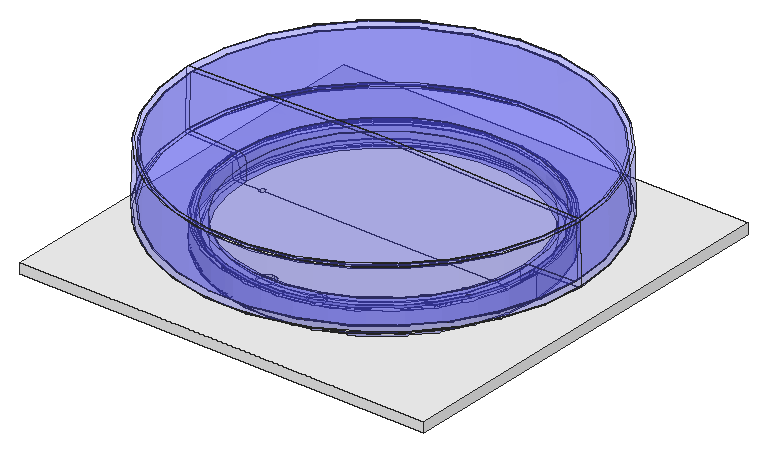
Revit family "BE_67719_de_DE", category Leuchten, Revit 2015
Parameters (values of type "BEGA_67719_K4")
  built-in parameter 1150104 = 11.446 (stored number, unit not read)
  Wattage = 25.9 W
  Default Elevation = 0 mm
  built-in parameter 1150113 = 1 (stored number, unit not read)
  built-in parameter 1114218 = 1 (stored number, unit not read)
  Umgebungstemperatur = "25 °C"
  URL = "http://www.bega.de/produkt/67719"
  Typenkommentare = "© 2017 BEGA. Wir behalten uns das Recht vor, technische Änderungen ohne vorherige Ankündigung vorzunehmen."  # constant formula
  built-in parameter 1150134 = 12
  built-in parameter 1150109 = 1 (stored number, unit not read)
  Strom = ""
  built-in parameter 1150110 = 1 (stored number, unit not read)
  Spannung = 239.996 V
  Sonderanfertigung = no
  Seriennummer [instance] = "Hier können Sie die eindeutige Seriennummer für das Facility Management eintragen."
  Schutzklasse = "I"
  Schutzart = "IP 44"
  Scheinlast = 0 VA
  Produktdatenblatt = "http://www.bega.de/download/Xrfa/db/67719.db.de.pdf"
  Oberflächentemperatur = ""
  Neigungswinkel = 0.00°
  Modell = "67719K4"
  Material_17 = BEGA_Reflektor
  Material_15 = BEGA_Leuchtmedium_matt
  Material_11 = BEGA_Glas_opal
  Material_09 = BEGA_Glas_klar
  Material_06 = BEGA_Oberfläche_Edelstahl_gebürstet
  Material_05 = BEGA_Oberfläche_Aluminium Guss
  Material_03 = BEGA_Oberfläche_Weiss_matt
  Material_02 = BEGA_Oberfläche_Silber_matt
  Material_01 [instance] = BEGA_Oberfläche_Grafit_matt
  M_W = no
  M_G = no
  M_A = no
  Logo = 0
  built-in parameter 1114217 = 1 (stored number, unit not read)
  built-in parameter 1150139 = (empty or 0)
  built-in parameter 1150105 = 812.25 (stored number, unit not read)
  built-in parameter 1150114 = 1 (stored number, unit not read)
  Lumens = 3190.88 lm
  built-in parameter 1150115 = 1 (stored number, unit not read)
  Leuchtenlichtstrom = "2185 lm"
  Leuchtenanzahl = ""
  Lebensdauerkriterien = "L70B50 @ 25 °C = 107000 h"
  Lastklassifizierung = Beleuchtung
  built-in parameter 1150112 = 1 (stored number, unit not read)
  Lampenlichtstrom = "3190 lm"
  Lampe = "LED 25.9 W"
  LED_Modulbezeichnung = "LED-0570/940 "
  built-in parameter 1150142 = (empty or 0)
  Hersteller = "BEGA"  # constant formula
  Halbstreuwinkel = ""
  Gewicht = "6.2 kg"
  Gebrauchslageneinschränkung [instance] = ""
  Frequenz = "0/50-60 Hz"
  Farbwiedergabeindex = "Ra > 90"
  Farbtemperaturverschiebung bei Dämpfen der Lampe = <Keine Auswahl>
  Farbtemperatur = "4000 K"
  Color Filter = 16777215
  built-in parameter 1150133 = 10 (stored number, unit not read)
  Energieeffizienzklasse = "LED A++ - A"
  built-in parameter 1150137 = (empty or 0)
  built-in parameter 1150132 = (empty or 0)
  ENEC = ""
  Dimmbar [instance] = "DALI"
  Datei für fotometrisches Netz = "BE_67719K4.IES"
  CE_Konformität = "ja"
  Bestellnummer = "67719K4"
  Beschreibung_Sonderanfertigung = "Hier können Sie Informationen zur Sonderanfertigung eintragen."
  Beschreibung = "Wandleuchte"
  built-in parameter 1150106 = 8.1225 (stored number, unit not read)
  Befestigungsbohrung = "Ø 5,5 mm"
  Befestigungsabstand = "240 mm"
  Ballwurfsicher = ""
  BEGA_Intern_aus = yes
  BEGA_Intern_an = yes
  BEGA_Intern_Konstruktion = yes
  BEGA_Intern = yes
  BEGA_IES = yes
  BEGA_Dummy = no
  Anschlussleitung = ""
  Anschlussleistung [instance] = "29.4 W"
  Anschlusskasten = ""
  built-in parameter 1150107 = 4000 (stored number, unit not read)
  built-in parameter 1150102 = (empty or 0)
  built-in parameter 1150138 = (empty or 0)
  Aktualisierung = "2017-07-12T04:08:54"
  Abstand_zur_angestrahlten_Fläche [instance] = ""
  AC/DC = "AC/DC"
Types (2, lengths in mm): name | built-in parameter 1150104 | built-in parameter 1150134 | Modell | built-in parameter 1150105 | Lumens | Leuchtenlichtstrom | Lampenlichtstrom | LED_Modulbezeichnung | Farbtemperatur | Datei für fotometrisches Netz | Bestellnummer | built-in parameter 1150106 | built-in parameter 1150107
  BEGA_67719_K3 | 11.046 (stored number, unit not read) | (empty or 0) | "67719" | 783.89 (stored number, unit not read) | 3079.51 lm | "2110 lm" | "3080 lm" | "LED-0570/930 " | "3000 K" | "BE_67719.IES" | "67719" | 7.8389 (stored number, unit not read) | 3000 (stored number, unit not read)
  BEGA_67719_K4 | 11.446 (stored number, unit not read) | 12 | "67719K4" | 812.25 (stored number, unit not read) | 3190.88 lm | "2185 lm" | "3190 lm" | "LED-0570/940 " | "4000 K" | "BE_67719K4.IES" | "67719K4" | 8.1225 (stored number, unit not read) | 4000 (stored number, unit not read)
Reference planes
  plane 1 "Mitte (Vorne/Hinten)": y = 0
  plane 2: z = 0
  plane 3 "Mitte (Links/Rechts)": x = 0
  plane 4 "Links": x = -195.948
  plane 5 "Rechts": x = 195.948
  plane 6 "Unten": y = -195.948
  plane 7 "Oben": y = 195.948
  plane 8 "Vorne": z = 94.213
  plane 9 "Hinten": z = 0
Forms (mm)
  Extrusion 1, solid, material "BEGA_Platte_Weiss"
    sketch origin (0, -1119.2, 0) x (1, 0, 0) y (0, 1, 0)
      loop
        line (-200, 1319.2) -> (-200, 919.2) -> (200, 919.2) -> (200, 1319.2) -> (-200, 1319.2)
    from 0 to -10
  Extrusion 2, solid, material "BEGA_Dummy_matt", visible <- "BEGA_Dummy"
    sketch origin (77.149, -76.023, 0) x (1, 0, 0) y (0, 1, 0)
      loop
        circle (-77.149, 76.023) r 195.948
    from 0 to 94.213
Dimensions and locks
  plane 1 "Mitte (Vorne/Hinten)" to Extrusion 1 = 200 mm
  aligned and locked: plane 2 to Extrusion 1
  aligned and locked: level to Extrusion 1
Nested families
  nested 1: "BE_67719" at (0, 0, 0), type "BE_67719"
Connectors
  electrical at (0, 0, 0), driven by "Lastklassifizierung", driven by "Spannung", driven by "Scheinlast"
    settings: index 1, voltage 239.996 V, apparent load 0 VA, apparent load phase1 0 VA, apparent load phase2 0 VA, apparent load phase3 0 VA, power factor 1, load classification "Beleuchtung", number of poles 1, system type 31, power factor state 1, is connector primary yes, connector utility no, sub classification motor no, connector description ""
Definition of nested family "BE_67719"
  Parameters (values of type "BE_67719")
    Default Elevation = 1 mm
    URL = "http://www.bega.de/de/produkt"
    Type Comments = "© 2015 BEGA. Wir behalten uns das Recht vor, technische Änderungen ohne vorherige Ankündigung vorzunehmen. "  # constant formula
    Type Image = (empty or 0)
    Neigungswinkel_um_Z2 = 0.00°
    Neigungswinkel_um_Z1 = 0.00°
    Neigungswinkel_um_Y2 = 0.00°
    Neigungswinkel_um_Y1 = 0.00°
    Neigungswinkel_um_X2 = 0.00°
    Neigungswinkel_um_X1 = 0.00°
    Material_17 = none
    Material_15 = none
    Material_11 = none
    Material_09 = none
    Material_06 = none
    Material_05 = none
    Material_03 = none
    Material_02 = none
    Material_01 = none
    M_W = yes
    M_G = yes
    M_A = yes
    Länge_Platte = 500 mm  # constant formula
    Höhe_Platte = -10 mm  # constant formula
    Manufacturer = "BEGA"  # constant formula
    Drehwinkel_um_Z2 = 0.00°
    Drehwinkel_um_Z1 = 0.00°
    Breite_Platte = 500 mm  # constant formula
  Reference planes
    plane 1 "Mitte (Oben/Unten)": y = 0
    plane 2: z = 0
    plane 3 "Mitte (Links/Rechts)": x = 0
    plane 4: x = -195.948
    plane 5: z = 94.213
    plane 6: x = 195.948
    plane 7: y = -195.948
    plane 8: y = 195.948
  Forms (mm)
    Extrusion 1, solid, detail levels medium
      sketch origin (0, 0, 0) x (1, 0, 0) y (0, 1, 0)
        loop
          line (-250, 250) -> (-250, -250) -> (250, -250) -> (250, 250) -> (-250, 250)
      from 0 to -10 <- "Höhe_Platte"
    Revolve 2, solid, material <- "Material_03", detail levels medium+fine
      sketch origin (0, 0, 0) x (1, 0, 0) y (0, 0, 1)
        loop
          line (0, 4) -> (-149.15, 4)
          arc (-149.15, 4) -> (-149.857, 4.293) -> (-150.15, 5) r 1
          line (-150.15, 5) -> (-150.15, 25.012) -> (-147.349, 22.211) -> (-146.5, 23.059) -> (-149.043, 25.602)
          arc (-149.043, 25.602) -> (-149.482, 25.897) -> (-150, 26) r 1.35
          arc (-150, 26) -> (-150.952, 25.607) -> (-151.35, 24.658) r 1.35
          line (-151.35, 24.658) -> (-151.35, 4)
          arc (-151.35, 4) -> (-150.764, 2.586) -> (-149.35, 2) r 2
          line (-149.35, 2) -> (0, 2) -> (0, 4)
        axis (0, 2) -> (0, 26)
      angle from 0 to 360
    Revolve 3, solid, material <- "Material_03", detail levels medium+fine
      sketch origin (-14.142, 14.142, 0) x (-0.707107, 0.707107, 0) y (0, 0, 1)
        loop
          arc (113.481, 2.548) -> (115.961, 0.668) -> (119, 0) r 7.25
          line (119, 0) -> (119, 2.548) -> (113.481, 2.548)
        axis (119, 0) -> (119, 2.548)
      angle from 0 to 360
    Extrusion 4, void
      sketch origin (0, 0, 0) x (1, 0, 0) y (0, 1, 0)
        loop
          circle (-30, -107.5) r 8.5
        loop
          circle (20, -107.5) r 8.5
        loop
          circle (-120, 0) r 2.75
        loop
          circle (120, 0) r 2.75
      from 0 to 6.5
    Revolve 5, solid, material <- "Material_11", detail levels medium+fine
      sketch origin (0, 0, 0) x (1, 0, 0) y (0, 0, 1)
        loop
          arc (0, 94.212) -> (-96.311, 92.986) -> (-192.559, 89.308) r 3782.243
          arc (-192.559, 89.308) -> (-193.888, 88.707) -> (-194.464, 87.363) r 2
          line (-194.464, 87.363) -> (-195.948, 30.687)
          arc (-195.948, 30.687) -> (-195.402, 29.268) -> (-194.016, 28.644) r 2
          line (-194.016, 28.644) -> (-146.945, 27)
          arc (-146.945, 27) -> (-146.089, 26.693) -> (-145.568, 25.947) r 1.5
          line (-145.568, 25.947) -> (-141.5, 12.873) -> (-141.5, 7) -> (-135.5, 7) -> (-135.5, 22.883)
          arc (-135.5, 22.883) -> (-137.745, 28.434) -> (-143.215, 30.872) r 8
          line (-143.215, 30.872) -> (-189.913, 32.503)
          arc (-189.913, 32.503) -> (-191.305, 33.133) -> (-191.845, 34.562) r 2
          line (-191.845, 34.562) -> (-190.552, 83.672)
          arc (-190.552, 83.672) -> (-189.984, 85.017) -> (-188.653, 85.617) r 2
          arc (-188.653, 85.617) -> (-94.356, 89.151) -> (0, 90.329) r 3778.36
          line (0, 90.329) -> (0, 94.212)
        axis (0, 94.212) -> (0, 7)
      angle from 0 to 360
    Revolve 6, solid, material <- "Material_03", detail levels medium+fine
      sketch origin (14.142, 14.142, 0) x (0.707107, 0.707107, 0) y (0, 0, 1)
        loop
          arc (113.481, 2.548) -> (115.961, 0.668) -> (119, 0) r 7.25
          line (119, 0) -> (119, 2.548) -> (113.481, 2.548)
        axis (119, 0) -> (119, 2.548)
      angle from 0 to 360
    Revolve 7, solid, material <- "Material_03", detail levels medium+fine
      sketch origin (-14.142, -14.142, 0) x (-0.707107, -0.707107, 0) y (0, 0, 1)
        loop
          arc (113.481, 2.548) -> (115.961, 0.668) -> (119, 0) r 7.25
          line (119, 0) -> (119, 2.548) -> (113.481, 2.548)
        axis (119, 0) -> (119, 2.548)
      angle from 0 to 360
    Revolve 8, solid, material <- "Material_03", detail levels medium+fine
      sketch origin (14.142, -14.142, 0) x (0.707107, -0.707107, 0) y (0, 0, 1)
        loop
          arc (113.481, 2.548) -> (115.961, 0.668) -> (119, 0) r 7.25
          line (119, 0) -> (119, 2.548) -> (113.481, 2.548)
        axis (119, 0) -> (119, 2.548)
      angle from 0 to 360
  Cuts and joins
    Extrusion 4 cuts Revolve 2
    Extrusion 4 cuts Revolve 3
    joined: Revolve 2, Revolve 3, Revolve 6, Revolve 7, Revolve 8
  Dimensions and locks
    equal spacing: Extrusion 1 sketch curve, plane 3 "Mitte (Links/Rechts)", Extrusion 1 sketch curve
    equal spacing: Extrusion 1 sketch curve, plane 1 "Mitte (Oben/Unten)", Extrusion 1 sketch curve
    "Länge_Platte": Extrusion 1 sketch curve to Extrusion 1 sketch curve
    "Breite_Platte": Extrusion 1 sketch curve to Extrusion 1 sketch curve
    aligned and locked: Extrusion 1 to plane 2
    aligned and locked: level to Extrusion 1
  Automatic sketch dimensions
    Extrusion 4 sketch curve to plane 3 "Mitte (Links/Rechts)" = 30 mm
    plane 3 "Mitte (Links/Rechts)" to Extrusion 4 sketch curve = 20 mm
    plane 1 "Mitte (Oben/Unten)" to Extrusion 4 sketch curve = 107.5 mm
    Extrusion 4 sketch curve to Extrusion 4 sketch curve = 0 mm
    Revolve 2 sketch curve to Revolve 2 sketch curve = 0 mm  (x9)
    Revolve 2 sketch curve to plane 3 "Mitte (Links/Rechts)" = 0 mm  (x2)
    Revolve 2 sketch curve to Revolve 2 sketch curve = 0.849 mm  (x2)
    Revolve 2 sketch curve to Revolve 2 sketch curve = 2.543 mm
    level to Revolve 2 sketch curve = 4 mm
    Revolve 2 sketch curve to Revolve 2 sketch curve = 1.801 mm
    Revolve 2 sketch curve to Revolve 2 sketch curve = 0.2 mm
    Revolve 2 sketch curve to Revolve 2 sketch curve = 0.957 mm
    Revolve 2 sketch curve to Revolve 2 sketch curve = 1 mm  (x2)
    Revolve 2 sketch curve to Revolve 2 sketch curve = 1.2 mm
    level to Revolve 2 sketch curve = 2 mm
    Revolve 2 sketch curve to Revolve 2 sketch curve = 17.211 mm
    Revolve 2 sketch curve to Revolve 2 sketch curve = 2.439 mm
    Revolve 2 sketch curve to Revolve 2 sketch curve = 0.008 mm
    Revolve 2 sketch curve to Revolve 2 sketch curve = 0.362 mm
    Revolve 2 sketch curve to Revolve 2 sketch curve = 0.398 mm
    Revolve 2 sketch curve to Revolve 2 sketch curve = 0.15 mm
    Revolve 2 sketch curve to Revolve 2 sketch curve = 0.837 mm
    Revolve 2 sketch curve to Revolve 2 sketch curve = 6.249 mm
    Revolve 3 sketch curve to Revolve 3 sketch curve = 5.519 mm
    Revolve 3 sketch curve to Revolve 3 sketch curve = 0 mm  (x3)
    Revolve 3 sketch curve to Revolve 3 sketch curve = 0.712 mm
    Revolve 3 sketch curve to Revolve 3 sketch curve = 2.548 mm
    Revolve 6 sketch curve to Revolve 6 sketch curve = 5.519 mm
    Revolve 6 sketch curve to Revolve 6 sketch curve = 0 mm  (x3)
    Revolve 6 sketch curve to Revolve 6 sketch curve = 0.712 mm
    Revolve 6 sketch curve to Revolve 6 sketch curve = 2.548 mm
    Revolve 7 sketch curve to Revolve 7 sketch curve = 5.519 mm
    Revolve 7 sketch curve to Revolve 7 sketch curve = 0 mm  (x3)
    Revolve 7 sketch curve to Revolve 7 sketch curve = 0.712 mm
    Revolve 7 sketch curve to Revolve 7 sketch curve = 2.548 mm
    Revolve 8 sketch curve to Revolve 8 sketch curve = 5.519 mm
    Revolve 8 sketch curve to Revolve 8 sketch curve = 0 mm  (x3)
    Revolve 8 sketch curve to Revolve 8 sketch curve = 0.712 mm
    Revolve 8 sketch curve to Revolve 8 sketch curve = 2.548 mm
    level to Revolve 3 sketch curve = 2.548 mm
    level to Revolve 6 sketch curve = 2.548 mm
    level to Revolve 7 sketch curve = 2.548 mm
    level to Revolve 8 sketch curve = 2.548 mm
    Revolve 5 sketch curve to plane 3 "Mitte (Links/Rechts)" = 0 mm  (x2)
    Revolve 5 sketch curve to plane 3 "Mitte (Links/Rechts)" = 0.007 mm
    Revolve 5 sketch curve to Revolve 5 sketch curve = 0.001 mm
    level to Revolve 5 sketch curve = 7 mm
    Revolve 5 sketch curve to Revolve 5 sketch curve = 6 mm
    Revolve 5 sketch curve to Revolve 5 sketch curve = 7.715 mm
    Revolve 5 sketch curve to Revolve 5 sketch curve = 8 mm
    Revolve 5 sketch curve to Revolve 5 sketch curve = 3.445 mm
    Revolve 5 sketch curve to Revolve 5 sketch curve = 0.055 mm
    Revolve 5 sketch curve to Revolve 5 sketch curve = 0.067 mm  (x2)
    Revolve 5 sketch curve to Revolve 5 sketch curve = 1.999 mm  (x4)
    Revolve 5 sketch curve to Revolve 5 sketch curve = 3.904 mm
    Revolve 5 sketch curve to Revolve 5 sketch curve = 4.035 mm
    Revolve 5 sketch curve to Revolve 5 sketch curve = 2 mm
    Revolve 5 sketch curve to level = 3688.03 mm
    Revolve 5 sketch curve to Revolve 5 sketch curve = 0 mm  (x5)
    Revolve 5 sketch curve to Revolve 5 sketch curve = 5.873 mm
    Revolve 5 sketch curve to Revolve 5 sketch curve = 10.004 mm
    Revolve 5 sketch curve to Revolve 5 sketch curve = 0.006 mm
    Revolve 5 sketch curve to Revolve 5 sketch curve = 2.624 mm
    level to Revolve 5 sketch curve = 28.644 mm
    Revolve 5 sketch curve to Revolve 5 sketch curve = 1.86 mm
    Revolve 5 sketch curve to Revolve 5 sketch curve = 3.883 mm
    Revolve 5 sketch curve to Revolve 5 sketch curve = 1.432 mm
    Revolve 5 sketch curve to Revolve 5 sketch curve = 0.007 mm
    Revolve 5 sketch curve to Revolve 5 sketch curve = 0.008 mm
    Revolve 5 sketch curve to Revolve 5 sketch curve = 0.446 mm
    Revolve 2 sketch curve to plane 3 "Mitte (Links/Rechts)" = 146.5 mm
    Revolve 5 sketch curve to plane 3 "Mitte (Links/Rechts)" = 135.5 mm
    Revolve 5 sketch curve to Revolve 5 sketch curve = 45.338 mm
    Revolve 5 sketch curve to Revolve 5 sketch curve = 42.901 mm
    Revolve 5 sketch curve to Revolve 5 sketch curve = 49.118 mm
    Revolve 5 sketch curve to Revolve 5 sketch curve = 3.691 mm
    level to Revolve 5 sketch curve = 90.329 mm
    level to Revolve 5 sketch curve = 87.363 mm
    Revolve 5 sketch curve to Revolve 5 sketch curve = 2.007 mm
    Revolve 5 sketch curve to Revolve 5 sketch curve = 19.676 mm
    radius of Extrusion 4 sketch curve = 8.5 mm  (x2)
